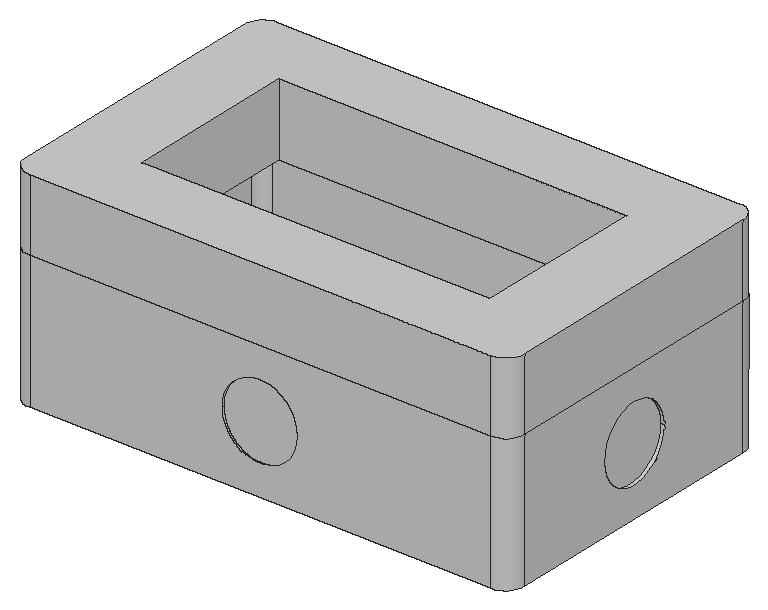
Revit family "Domotics-DomesticRanges-GEWISS-27COMBI_SYSTEM-IP40_1P_2P_3P_4P", category Apparecchi elettrici, host Superficie, Revit 2016
Family settings
  Host = Superficie
  Mantenere orientamento annotazione = Sì
  Tipo di parte = Normale
  Quota connettore circolare = Usa diametro
  Numero OmniClass = 23.80.30.14.24
  Titolo OmniClass = Junction Boxes
  Taglio con vuoti quando caricato = Sì
  Condiviso = No
  Punto di calcolo locali = No
Parameters (values of type "GW27004 - 4 gangs")
  Version file RFA = "19.4"
  URL = "https://www.gewiss.com/ww/en"
  Type of knockout holes = "Removable with tool"
  Torque screws tightening = "0,8NM"
  Tipo = SYSTEM CONTENITORI IP40_BASE : GW27004 - 4 posti
  Thermo-pressure with ball = "70 °C"
  Technical sheet = "https://www.gewiss.com/ww/en/search?q=GW27004"
  Standard; = "EN 60670-1"
  Shock resistance = "IK07"
  SEO = "Enclosure"
  SCATOLA = GEWISS GRIGIO
  Realized by GEWISS S.p.A. = ""
  Produttore = "GEWISS S.p.A."
  Outer dim. LxHxD (mm) = "132x82x55"
  Offset contenitore [instance] = 0 mm
  Offset bidimensionale [instance] = Offset contenitore + 55 mm  # 55 mm
  No. knockout holes Ã˜23 = "8 on sides / 1 on the bottom"
  No. knockout holes Ã˜ 23 = "8"
  N. holes Ã˜ 23 with cable gland = ""
  Modello = "GW27004"
  Lid screws = "Corrosion-resistant steel"
  Larghezza scatola = 132 mm
  Larghezza foro = 92 mm
  Insulation class = "II"
  Installation temperature = "-25 +60 °C"
  IP degree = "IP40"
  IFC.TypeObject = ""
  IFC.ExportType = ""
  IFC.ExportAs = ""
  IDT = "82b015b6-7012-4d9f-be0c-4a0004cde615"
  IDF = "dc894d2b-05e3-482b-a6df-8dd39df67a35"
  Glow Wire Test = "650°C"
  Electrocod = "0212"
  EAN code = "8011564055278"
  Distanza simbolo [instance] = 231.658 mm
  Default Elevation = 1219.2 mm
  Immagine tipo = GW27004.jpg
  Dimensions LxHxD (mm) = "132x82x55"
  Descrizione = "4(4X1) GANG HORIZ.ENCLOSURE IP40"
  Description: = "4 gang"
  Colour = "Grey RAL 7035"
  Characteristics = "Halogen free"
  Catalogue Range = "27COMBI"
  Catalogue = "DOMOTICS"
  COBie.Tagnumber = ""
  COBie.CreatedOn = ""
  COBie.CreatebBy = ""
  COBie.ComponentRegisterItemID = ""
  COBie.Component.TagNumber = ""
  COBie.Component.Space = ""
  COBie.Component.SerialNumber = ""
  COBie.Component.InstallationDate = ""
  COBie.Component.Description = ""
  COBie.Component.BarCode = ""
  Bidimensionale = bidimensionale system contenitori IP40 : 4P
  Altezza simbolo [instance] = 102.729 mm
Types (4, lengths in mm): name | Tipo | Technical sheet | Outer dim. LxHxD (mm) | No. knockout holes Ã˜23 | No. knockout holes Ã˜ 23 | N. holes Ã˜ 23 with cable gland | Modello | Larghezza scatola | Larghezza foro | IDT | EAN code | Immagine tipo | Dimensions LxHxD (mm) | Descrizione | Description: | Bidimensionale
  GW27001 - 1 gang | SYSTEM CONTENITORI IP40_BASE : GW27001 - 1 posto | "https://www.gewiss.com/ww/en/search?q=GW27001" | "66x82x55" | "3 on sides / 1 on the bottom" | "3" | "1" | "GW27001" | 66 | 23 | "9ff6dfce-611a-42ed-b9f9-0215eab25c76" | "8011564055247" | GW27001.jpg | "66x82x55" | "1 GANG ENCLOSURE IP40" | "1 gang" | bidimensionale system contenitori IP40 : 1P
  GW27003 - 3 gangs | SYSTEM CONTENITORI IP40_BASE : GW27003 - 3 posti | "https://www.gewiss.com/ww/en/search?q=GW27003" | "99x82x55" | "3 on sides / 1 on the bottom" | "3" | "1" | "GW27003" | 99 | 69 | "7ccd304f-7a33-45e0-8739-8a2691c0075c" | "8011564055261" | GW27003.jpg | "99x82x55" | "HORIZ.3 GANG ENCLOSURE IP40" | "3 gang" | bidimensionale system contenitori IP40 : 3P
  GW27004 - 4 gangs | SYSTEM CONTENITORI IP40_BASE : GW27004 - 4 posti | "https://www.gewiss.com/ww/en/search?q=GW27004" | "132x82x55" | "8 on sides / 1 on the bottom" | "8" | "" | "GW27004" | 132 | 92 | "82b015b6-7012-4d9f-be0c-4a0004cde615" | "8011564055278" | GW27004.jpg | "132x82x55" | "4(4X1) GANG HORIZ.ENCLOSURE IP40" | "4 gang" | bidimensionale system contenitori IP40 : 4P
  GW27002 - 2 gangs | SYSTEM CONTENITORI IP40_BASE : GW27002 - 2 posti | "https://www.gewiss.com/ww/en/search?q=GW27002" | "66x82x55" | "3 on sides / 1 on the bottom" | "3" | "1" | "GW27002" | 66 | 46 | "ff55314a-fd15-43d0-a3a7-a094a22c60db" | "8011564055254" | GW27002.jpg | "66x82x55" | "HORIZ.2 GANG ENCLOSURE IP40" | "2 gang" | bidimensionale system contenitori IP40 : 2P
Reference planes
  plane 1 "Centro (Fronte/Retro)": y = 0
  plane 2: z = 0
  plane 3 "Centro (Sinistra/Destra)": x = 0
  plane 4: z = 0
  plane 5 "piano bidimensionale": z = 55
  plane 6: y = 41
  plane 7: y = -41
  plane 8 "1": x = 66
  plane 9 "2": x = -66
Forms (mm)
  Extrusion 1, solid, material "GEWISS GRIGIO" <- "SCATOLA", detail levels coarse
    sketch origin (0, 0, 55) x (0, -1, 0) y (1, 0, 0)
      loop
        line (41, -61) -> (41, 61)
        arc (41, 61) -> (39.536, 64.536) -> (36, 66) r 5
        line (36, 66) -> (-36, 66)
        arc (-36, 66) -> (-39.536, 64.536) -> (-41, 61) r 5
        line (-41, 61) -> (-41, -61)
        arc (-41, -61) -> (-39.536, -64.536) -> (-36, -66) r 5
        line (-36, -66) -> (36, -66)
        arc (36, -66) -> (39.536, -64.536) -> (41, -61) r 5
    from -55 to 0
Lines and regions (mm)
  Masking region 1
    outline origin (0, 0, 0) x (1, 0, 0) y (0, 0, 1)
      loop
        line (-66, 0) -> (66, 0) -> (66, 55) -> (-66, 55) -> (-66, 0)
  Masking region 2
    outline origin (0, 0, 0) x (0, 1, 0) y (0, 0, 1)
      loop
        line (41, 0) -> (41, 55) -> (-41, 55) -> (-41, 0) -> (41, 0)
  Masking region 3, detail levels medium+fine
    outline origin (0, 0, 0) x (1, 0, 0) y (0, 0, 1)
      loop
        circle (0, 18.062) r 10
  Masking region 4, detail levels medium+fine
    outline origin (0, 0, 0) x (0, 1, 0) y (0, 0, 1)
      loop
        circle (0, 18.105) r 12
  Masking region 5
    outline origin (0, 0, 55) x (0, -1, 0) y (1, 0, 0)
      loop
        line (22.5, -46) -> (22.5, 46) -> (-22.5, 46) -> (-22.5, -46) -> (22.5, -46)
  model lines, style "PULSANTI", detail levels coarse
    curve 1: line (-28, -41, 55) -> (28, -41, 55)
Dimensions and locks
  "Offset contenitore": plane 4 to host face
  "Offset bidimensionale": plane 5 "piano bidimensionale" to plane 2
  equal spacing: plane 9 "2", plane 3 "Centro (Sinistra/Destra)", plane 8 "1"
  equal spacing: plane 6, plane 1 "Centro (Fronte/Retro)", plane 7
  "Larghezza scatola": plane 9 "2" to plane 8 "1"
  aligned and locked: plane 2 to host face
  aligned and locked: level to host face
  aligned and locked: plane 1 "Centro (Fronte/Retro)" to nested 1
  aligned and locked: plane 3 "Centro (Sinistra/Destra)" to nested 1
  aligned and locked: plane 1 "Centro (Fronte/Retro)" to nested 2
  aligned and locked: nested 2 to plane 5 "piano bidimensionale"
  aligned and locked: Extrusion 1 sketch curve to nested 2  (x4)
  aligned and locked: Extrusion 1 to plane 4
  aligned and locked: plane 5 "piano bidimensionale" to Extrusion 1
  aligned and locked: plane 4 to Extrusion 1  (x2)
  aligned and locked: plane 6 to Extrusion 1
  aligned and locked: plane 7 to Extrusion 1
  aligned and locked: Masking region 1 sketch curve to Extrusion 1
  aligned and locked: Masking region 2 sketch curve to Extrusion 1  (x2)
  aligned and locked: plane 6 to Masking region 2
  aligned and locked: plane 8 "1" to Masking region 1
  aligned and locked: Masking region 1 to plane 9 "2"
  aligned and locked: Masking region 5 sketch curve to nested 2  (x4)
Automatic sketch dimensions
  host sketch curve to host sketch curve = 2438.4 mm  (x2)
  plane 1 "Centro (Fronte/Retro)" to curve 1 = 41 mm
  plane 3 "Centro (Sinistra/Destra)" to curve 1 = 28 mm
  curve 1 to plane 3 "Centro (Sinistra/Destra)" = 28 mm
  Extrusion 1 sketch curve to Extrusion 1 sketch curve = 5 mm  (x3)
  plane 1 "Centro (Fronte/Retro)" to Extrusion 1 sketch curve = 36 mm
  Masking region 2 sketch curve to plane 5 "piano bidimensionale" = 0 mm
  Masking region 1 sketch curve to plane 5 "piano bidimensionale" = 0 mm
  Masking region 1 sketch curve to plane 9 "2" = 0 mm
  plane 8 "1" to Masking region 1 sketch curve = 0 mm
  Masking region 2 sketch curve to plane 6 = 0 mm
  Masking region 3 sketch curve to plane 3 "Centro (Sinistra/Destra)" = 0 mm
  plane 4 to Masking region 3 sketch curve = 18.062 mm
  Masking region 4 sketch curve to plane 1 "Centro (Fronte/Retro)" = 0 mm
  plane 4 to Masking region 4 sketch curve = 18.105 mm
  radius of Masking region 3 sketch curve = 10 mm
  radius of Masking region 4 sketch curve = 12 mm
Nested families
  nested 1: "SYSTEM CONTENITORI IP40_BASE" at (0, 0, 0), type <- "Tipo", built-in parameter 1001364 <- "Offset contenitore", type "GW27004 - 4 posti"
  nested 2: "bidimensionale system contenitori IP40" at (0, 0, 55), type <- "Bidimensionale", type "4P", detail levels coarse
Connectors
  cabletrayconduit at (0, -41, 18), diameter 20
    settings: on nested 1, index 2, connector width 300 mm, connector height 300 mm, connector angle 0.00°, system type 32, placement type 0, profile type 0, connector reference index -1, is primary connector yes, connector utility param no, connector description ""
  cabletrayconduit at (0, 41, 18), diameter 20
    settings: on nested 1, index 5, connector width 300 mm, connector height 300 mm, connector angle 0.00°, system type 32, placement type 0, profile type 0, connector reference index -1, is primary connector no, connector utility param no, connector description ""
  cabletrayconduit at (-66, 0, 38.125), diameter 23
    settings: index 6, connector width 300 mm, connector height 300 mm, connector angle 0.00°, system type 32, placement type 0, profile type 0, connector reference index -1, is primary connector no, connector utility param no, connector description ""
  cabletrayconduit at (66, 0, 38.125), diameter 23
    settings: index 7, connector width 300 mm, connector height 300 mm, connector angle 0.00°, system type 32, placement type 0, profile type 0, connector reference index -1, is primary connector no, connector utility param no, connector description ""
Definition of nested family "SYSTEM CONTENITORI IP40_BASE"
  Parameters (values of type "GW27001 - 1 posto")
    SCATOLA = none
    PRESA = none
    Profondità scatola = 55 mm  # constant formula
    Larghezza scatola = 66 mm
    Larghezza foro = 23 mm
    Bidimensionale = 70 mm
    Altezza scatola = 82 mm
  Types (4, lengths in mm): name | Larghezza scatola | Larghezza foro
    GW27001 - 1 posto | 66 | 23
    GW27002 - 2 posti | 66 | 46
    GW27003 - 3 posti | 99 | 69
    GW27004 - 4 posti | 132 | 92
  Reference planes
    plane 1 "Centro (Fronte/Retro)": y = 0
    plane 2: z = 0
    plane 3 "Centro (Sinistra/Destra)": x = 0
    plane 4: y = -41
    plane 5: y = 41
    plane 6: x = -33
    plane 7: x = 33
    plane 8 "PIANO BIDIMENSIONALE": z = 70
    plane 9: z = 55
    plane 10: x = -11.5
    plane 11: x = 11.5
    plane 12: y = 22.5
    plane 13: y = -22.5
  Forms (mm)
    Extrusion 1, solid, material <- "SCATOLA", detail levels medium+fine
      sketch origin (0, 0, 66) x (0, -1, 0) y (1, 0, 0)
        loop
          arc (-41, -28) -> (-39.536, -31.536) -> (-36, -33) r 5
          line (-36, -33) -> (36, -33)
          arc (36, -33) -> (39.536, -31.536) -> (41, -28) r 5
          line (41, -28) -> (41, 28)
          arc (41, 28) -> (39.536, 31.536) -> (36, 33) r 5
          line (36, 33) -> (-36, 33)
          arc (-36, 33) -> (-39.536, 31.536) -> (-41, 28) r 5
          line (-41, 28) -> (-41, -28)
        loop
          line (39, -28) -> (39, 28)
          arc (39, 28) -> (38.121, 30.121) -> (36, 31) r 3
          line (36, 31) -> (-36, 31)
          arc (-36, 31) -> (-38.121, 30.121) -> (-39, 28) r 3
          line (-39, 28) -> (-39, -28)
          arc (-39, -28) -> (-38.121, -30.121) -> (-36, -31) r 3
          line (-36, -31) -> (36, -31)
          arc (36, -31) -> (38.121, -30.121) -> (39, -28) r 3
      from -66 to -30
    Extrusion 2, solid, material <- "SCATOLA", detail levels medium+fine
      sketch origin (0, 0, 0) x (1, 0, 0) y (0, 0, 1)
        loop
          circle (0, 18) r 16
      from -43 to -41
    Extrusion 3, solid, material <- "SCATOLA", detail levels medium+fine
      sketch origin (0, 41, 0) x (-1, 0, 0) y (0, 0, 1)
        loop
          circle (0, 18) r 13
      from 5 to 3
    Extrusion 4, solid, material <- "SCATOLA", detail levels medium+fine
      sketch origin (0, 41, 0) x (-1, 0, 0) y (0, 0, 1)
        loop
          circle (0, 18) r 10
      from 8 to 6
    Extrusion 5, solid, material <- "SCATOLA", detail levels medium+fine
      sketch origin (0, 41, 0) x (-1, 0, 0) y (0, 0, 1)
        loop
          circle (0, 18) r 3
      from 2 to 6
    Extrusion 6, void, detail levels medium+fine
      sketch origin (0, 0, 0) x (0, 1, 0) y (0, 0, 1)
        loop
          circle (0, 18) r 10
      from 31.916 to 33
    Extrusion 7, void, detail levels medium+fine
      sketch origin (0, 0, 0) x (1, 0, 0) y (0, 0, 1)
        loop
          circle (0, 18) r 10
      from 40.592 to 41
    Extrusion 8, void, detail levels medium+fine
      sketch origin (0, 0, 0) x (0, 1, 0) y (0, 0, -1)
        loop
          circle (0, -18) r 11.5
      from 31.754 to 33
    Extrusion 9, void, detail levels medium+fine
      sketch origin (0, 0, 0) x (1, 0, 0) y (0, 0, -1)
        loop
          circle (0, -18) r 10
      from 40.592 to 41
    Extrusion 10, solid, material <- "SCATOLA", detail levels medium+fine
      sketch origin (0, 0, 70) x (-1, 0, 0) y (0, -1, 0)
        loop
          arc (28, -41) -> (31.536, -39.536) -> (33, -36) r 5
          line (33, -36) -> (33, 36)
          arc (33, 36) -> (31.536, 39.536) -> (28, 41) r 5
          line (28, 41) -> (-28, 41)
          arc (-28, 41) -> (-31.536, 39.536) -> (-33, 36) r 5
          line (-33, 36) -> (-33, -36)
          arc (-33, -36) -> (-31.536, -39.536) -> (-28, -41) r 5
          line (-28, -41) -> (28, -41)
        loop
          line (-11.5, 22.5) -> (-11.5, -22.5) -> (11.5, -22.5) -> (11.5, 22.5) -> (-11.5, 22.5)
      from -34 to -15
    Extrusion 11, solid, material <- "SCATOLA", detail levels medium+fine
      sketch origin (0, 0, 0) x (1, 0, 0) y (0, 1, 0)
        loop
          line (-31, 36) -> (-31, -36)
          arc (-31, -36) -> (-30.121, -38.121) -> (-28, -39) r 3
          line (-28, -39) -> (28, -39)
          arc (28, -39) -> (30.121, -38.121) -> (31, -36) r 3
          line (31, -36) -> (31, 36)
          arc (31, 36) -> (30.121, 38.121) -> (28, 39) r 3
          line (28, 39) -> (-28, 39)
          arc (-28, 39) -> (-30.121, 38.121) -> (-31, 36) r 3
      from 0 to 2
  Cuts and joins
    Extrusion 6, Extrusion 7, Extrusion 8, Extrusion 9 cuts Extrusion 1
  Lines and regions (mm)
    Masking region 1
      outline origin (0, 0, 70) x (-1, 0, 0) y (0, -1, 0)
        loop
          circle (-28, -36) r 2
        loop
          line (11.5, -22.5) -> (11.5, 22.5) -> (-11.5, 22.5) -> (-11.5, -22.5) -> (11.5, -22.5)
        loop
          line (33, -36) -> (33, 36)
          arc (33, 36) -> (31.536, 39.536) -> (28, 41) r 5
          line (28, 41) -> (-28, 41)
          arc (-28, 41) -> (-31.536, 39.536) -> (-33, 36) r 5
          line (-33, 36) -> (-33, -36)
          arc (-33, -36) -> (-31.536, -39.536) -> (-28, -41) r 5
          line (-28, -41) -> (28, -41)
          arc (28, -41) -> (31.536, -39.536) -> (33, -36) r 5
        loop
          circle (28, 36) r 2
    Masking region 2
      outline origin (0, 0, 70) x (-1, 0, 0) y (0, -1, 0)
        loop
          circle (-28, -36) r 2
        loop
          circle (28, 36) r 2
  Dimensions and locks
    equal spacing: plane 4, plane 1 "Centro (Fronte/Retro)", plane 5
    plane 4 to plane 5 = 82 mm
    equal spacing: plane 6, plane 3 "Centro (Sinistra/Destra)", plane 7
    "Larghezza scatola": plane 6 to plane 7
    equal spacing: plane 5, plane 1 "Centro (Fronte/Retro)", plane 4
    "Altezza scatola": plane 5 to plane 4
    "Bidimensionale": plane 8 "PIANO BIDIMENSIONALE" to level
    "Profondità scatola": plane 9 to plane 2
    equal spacing: plane 12, plane 1 "Centro (Fronte/Retro)", plane 13
    "Larghezza foro": plane 10 to plane 11
    equal spacing: plane 10, plane 3 "Centro (Sinistra/Destra)", plane 11
    locked: cut or joined group of Extrusion 1, Extrusion 6, Extrusion 7, Extrusion 8, Extrusion 9 to Extrusion 10 at 1.084
    locked: Extrusion 10 to cut or joined group of Extrusion 1, Extrusion 6, Extrusion 7, Extrusion 8, Extrusion 9 at 1.246
    aligned and locked: level to plane 2
    aligned and locked: Extrusion 5 to Extrusion 2
    aligned and locked: Extrusion 5 to Extrusion 4
    aligned and locked: Extrusion 1 to Extrusion 8
    aligned and locked: Masking region 1 to plane 12
    aligned and locked: plane 10 to Masking region 1
    aligned and locked: Masking region 1 to plane 11
    aligned and locked: plane 13 to Masking region 1
    aligned and locked: Extrusion 10 sketch curve to cut or joined group of Extrusion 1, Extrusion 6, Extrusion 7, Extrusion 8, Extrusion 9  (x4)
    aligned and locked: Extrusion 10 sketch curve to Masking region 1  (x4)
    aligned and locked: Extrusion 10 to cut or joined group of Extrusion 1, Extrusion 6, Extrusion 7, Extrusion 8, Extrusion 9
    aligned and locked: Extrusion 10 to plane 6
    aligned and locked: plane 7 to Extrusion 10
    aligned and locked: Extrusion 11 sketch curve to cut or joined group of Extrusion 1, Extrusion 6, Extrusion 7, Extrusion 8, Extrusion 9  (x4)
    aligned and locked: plane 7 to Extrusion 6
    aligned and locked: cut or joined group of Extrusion 1, Extrusion 6, Extrusion 7, Extrusion 8, Extrusion 9 to plane 2
  Automatic sketch dimensions
    Extrusion 1 sketch curve to plane 5 = 0 mm
    Extrusion 1 sketch curve to plane 6 = 0 mm
    Extrusion 1 sketch curve to plane 7 = 0 mm
    Extrusion 1 sketch curve to plane 4 = 0 mm
    Extrusion 1 sketch curve to Extrusion 1 sketch curve = 5 mm  (x2)
    plane 4 to Extrusion 1 sketch curve = 5 mm  (x2)
    Extrusion 2 sketch curve to plane 3 "Centro (Sinistra/Destra)" = 0 mm
    level to Extrusion 2 sketch curve = 18 mm
    Extrusion 3 sketch curve to plane 3 "Centro (Sinistra/Destra)" = 0 mm
    level to Extrusion 3 sketch curve = 18 mm
    Extrusion 4 sketch curve to plane 3 "Centro (Sinistra/Destra)" = 0 mm
    level to Extrusion 4 sketch curve = 18 mm
    Extrusion 5 sketch curve to plane 3 "Centro (Sinistra/Destra)" = 0 mm
    level to Extrusion 5 sketch curve = 18 mm
    Extrusion 6 sketch curve to plane 1 "Centro (Fronte/Retro)" = 0 mm
    level to Extrusion 6 sketch curve = 18 mm
    Extrusion 7 sketch curve to plane 3 "Centro (Sinistra/Destra)" = 0 mm
    level to Extrusion 7 sketch curve = 18 mm
    Extrusion 8 sketch curve to plane 1 "Centro (Fronte/Retro)" = 0 mm
    level to Extrusion 8 sketch curve = 18 mm
    Extrusion 9 sketch curve to plane 3 "Centro (Sinistra/Destra)" = 0 mm
    level to Extrusion 9 sketch curve = 18 mm
    Masking region 1 sketch curve to Masking region 1 sketch curve = 0 mm  (x4)
    Masking region 1 sketch curve to plane 7 = 0 mm
    Masking region 1 sketch curve to plane 5 = 0 mm
    Masking region 1 sketch curve to plane 4 = 0 mm
    Masking region 1 sketch curve to plane 6 = 0 mm
    Masking region 1 sketch curve to plane 7 = 5 mm
    plane 4 to Masking region 1 sketch curve = 5 mm
    Masking region 1 sketch curve to plane 7 = 21.5 mm
    plane 6 to Masking region 1 sketch curve = 5 mm
    Masking region 1 sketch curve to plane 5 = 5 mm
    Masking region 1 sketch curve to Masking region 1 sketch curve = 13.5 mm  (x2)
    Masking region 1 sketch curve to Masking region 1 sketch curve = 2 mm
    plane 6 to Masking region 1 sketch curve = 21.5 mm
    Extrusion 10 sketch curve to Extrusion 10 sketch curve = 5 mm
    plane 4 to Extrusion 10 sketch curve = 5 mm  (x2)
    Extrusion 10 sketch curve to plane 7 = 5 mm
    Extrusion 1 sketch curve to Extrusion 1 sketch curve = 0 mm  (x7)
    Extrusion 1 sketch curve to Extrusion 1 sketch curve = 2 mm
    Extrusion 11 sketch curve to Extrusion 11 sketch curve = 3 mm  (x2)
    Extrusion 11 sketch curve to plane 7 = 5 mm  (x2)
    Masking region 2 sketch curve to plane 7 = 5 mm
    Masking region 2 sketch curve to plane 5 = 5 mm
    Masking region 2 sketch curve to Masking region 2 sketch curve = 2 mm  (x2)
    Masking region 2 sketch curve to Masking region 2 sketch curve = 0 mm  (x2)
    plane 6 to Masking region 2 sketch curve = 5 mm
    plane 4 to Masking region 2 sketch curve = 5 mm
    radius of Extrusion 2 sketch curve = 16 mm
    radius of Extrusion 3 sketch curve = 13 mm
    radius of Extrusion 4 sketch curve = 10 mm
    radius of Extrusion 5 sketch curve = 3 mm
    radius of Extrusion 6 sketch curve = 10 mm
    radius of Extrusion 7 sketch curve = 10 mm
    radius of Extrusion 8 sketch curve = 11.5 mm
    radius of Extrusion 9 sketch curve = 10 mm
    radius of Masking region 1 sketch curve = 2 mm
Definition of nested family "bidimensionale system contenitori IP40"
  Parameters (values of type "1P")
    Larghezza scatola = 66 mm
    Larghezza foro = 23 mm
    Altezza scatola = 82 mm
  Types (4, lengths in mm): name | Larghezza scatola | Larghezza foro
    1P | 66 | 23
    2P | 66 | 46
    3P | 99 | 69
    4P | 132 | 92
  Reference planes
    plane 1 "Centro (Fronte/Retro)": y = 0
    plane 2: z = 0
    plane 3 "Centro (Sinistra/Destra)": x = 0
    plane 4: x = -33
    plane 5: x = 33
    plane 6: y = 41
    plane 7: y = -41
    plane 8: x = 11.5
    plane 9: x = -11.5
    plane 10: y = 22.5
    plane 11: y = -22.5
  Lines and regions (mm)
    model lines
      curve 1: arc (-28, 41, 0) -> (-31.536, 39.536, 0) -> (-33, 36, 0) r 5
      curve 2: line (-33, 36, 0) -> (-33, -36, 0)
      curve 3: arc (-33, -36, 0) -> (-31.536, -39.536, 0) -> (-28, -41, 0) r 5
      curve 4: line (-28, -41, 0) -> (28, -41, 0)
      curve 5: arc (28, -41, 0) -> (31.536, -39.536, 0) -> (33, -36, 0) r 5
      curve 6: line (33, -36, 0) -> (33, 36, 0)
      curve 7: arc (33, 36, 0) -> (31.536, 39.536, 0) -> (28, 41, 0) r 5
      curve 8: line (28, 41, 0) -> (-28, 41, 0)
      curve 9: circle (-28, -36, 0) r 2 normal (0, 0, 1)
      curve 10: line (11.5, -22.5, 0) -> (-11.5, -22.5, 0)
      curve 11: line (-11.5, -22.5, 0) -> (-11.5, 22.5, 0)
      curve 12: line (-11.5, 22.5, 0) -> (-11.5, 23.5, 0)
      curve 13: arc (-11.5, 23.5, 0) -> (-10.914, 24.914, 0) -> (-9.5, 25.5, 0) r 2
      curve 14: line (-9.5, 25.5, 0) -> (9.5, 25.5, 0)
      curve 15: arc (9.5, 25.5, 0) -> (10.914, 24.914, 0) -> (11.5, 23.5, 0) r 2
      curve 16: line (11.5, 23.5, 0) -> (11.5, 22.5, 0)
      curve 17: line (11.5, 22.5, 0) -> (11.5, -22.5, 0)
      curve 18: line (-11.5, 22.5, 0) -> (11.5, 22.5, 0)
      curve 19: circle (28, 36, 0) r 2 normal (0, 0, 1)
  Dimensions and locks
    equal spacing: plane 6, plane 1 "Centro (Fronte/Retro)", plane 7
    equal spacing: plane 4, plane 3 "Centro (Sinistra/Destra)", plane 5
    "Altezza scatola": plane 6 to plane 7
    "Larghezza scatola": plane 4 to plane 5
    equal spacing: plane 9, plane 3 "Centro (Sinistra/Destra)", plane 8
    "Larghezza foro": plane 9 to plane 8
    equal spacing: plane 10, plane 1 "Centro (Fronte/Retro)", plane 11
    plane 10 to plane 11 = 45 mm
    aligned and locked: level to plane 2
    aligned and locked: plane 9 to curve 11
    aligned and locked: curve 17 to plane 8
    aligned and locked: curve 2 to plane 4
    aligned and locked: plane 5 to curve 6
    aligned and locked: plane 6 to curve 8
    aligned and locked: curve 4 to plane 7
    aligned and locked: curve 18 to plane 10
    aligned and locked: plane 11 to curve 10
  Automatic sketch dimensions
    curve 2 to curve 3 = 5 mm
    curve 2 to curve 1 = 5 mm
    curve 4 to plane 5 = 5 mm
    curve 8 to plane 5 = 5 mm
    curve 3 to curve 9 = 0 mm  (x2)
    curve 13 to curve 13 = 2 mm
    curve 15 to curve 16 = 2 mm
    curve 11 to curve 13 = 1 mm
    curve 7 to curve 19 = 0 mm  (x2)
    radius of curve 9 = 2 mm
    radius of curve 19 = 2 mm
